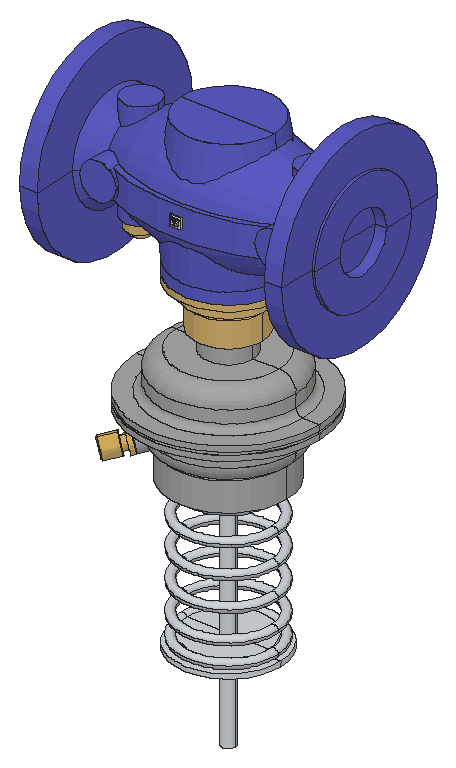
Revit family "Differential Pressure Control Valve F 4007 50-150 HT Distric heating type, supplyreturn", category Rohrzubehör, Revit 2018
Family settings
  Bemaßung runder Anschluss = Durchmesser verwenden
  Teiletyp = Unterbricht
  OmniClass-Nummer = 23.65.55.14
  OmniClass-Titel = Valves for Liquid Services
  Arbeitsebenenbasiert = Nein
  Immer vertikal = Ja
  Beim Laden mit Abzugskörper schneiden = Nein
  Gemeinsam genutzt = Nein
Parameters
  Spring = "EN 10270-1-SH"  # constant formula
  O-Ring = "EPDM"  # constant formula
  Min. operating temperature (anti freeze) = -10 °C  # constant formula
  Differential pressure setting range = "50-150 kPa"  # constant formula
  URL = "www.herzvalves.com"
  Testing pressure = 2500000.0 Pa  # constant formula
  SCRNSEQ = "ARM;ARM_TYP=\"DIFR\";2"
  SCRNCODE = "05;03;02"  # constant formula
  S02 [instance] = H03 + H13  # 122 mm
  S01 [instance] = (2 * H02) + (2 * H04) + H05  # 72.7 mm
  R99 = 14 mm  # constant formula
  R98 = 6 mm  # constant formula
  R97 = 2 mm  # constant formula
  R02 = 15.5 mm  # constant formula
  R01 [instance] = size_lookup("4007_F_HT50-150", "R1", 45.5 mm, Nennweite)  # 45.5 mm
  R00 [instance] = size_lookup("4007_F_HT50-150", "R", 53 mm, Nennweite)  # 53 mm
  Nennweite [instance] = 50 mm
  Model = "The differential pressure controller is a straight-version proportional controller and works without auxiliary energy.\r\nThe required nominal differential pressure can be continuously adjusted from 50 to 150 kPa.\r\nThe impulse pipe (1500 mm) is included in the valve set and has to be connected to a double regulating valve on the supply side."
  Min. operating temperature = 2 °C  # constant formula
  Diaphragm = "EPDM with textile"  # constant formula
  Medium = "Water purity in accordance with ÖNORM H 5195 and VDI 2035 standards.\r\nEthylene and propylene glycol can be mixed in ratio of 25 - 50 vol. [%]."
  Max. operating temperature = 150 °C  # constant formula
  Max. operating pressure = 1600000.0 Pa  # constant formula
  Max. differential pressure = 400000.0 Pa  # constant formula
  L05 [instance] = L04 - 6.3 mm  # 74.7 mm
  L04 [instance] = size_lookup("4007_F_HT50-150", "L4", 81 mm, Nennweite)  # 81 mm
  L03 = 10 mm  # constant formula
  L02 [instance] = size_lookup("4007_F_HT50-150", "L2", 15 mm, Nennweite)  # 15 mm
  L01 = 3 mm  # constant formula
  L00 [instance] = size_lookup("4007_F_HT50-150", "L", 115 mm, Nennweite)  # 115 mm
  Hersteller = "HERZ Armaturen Ges.m.b.H."  # constant formula
  H19 [instance] = size_lookup("4007_F_HT50-150", "H19", 9 mm, Nennweite)  # 424 mm
  H18 [instance] = H19 - 75 mm  # 349 mm
  H17 = 6 mm  # constant formula
  H16 = 10 mm  # constant formula
  H15 = 24.5 mm  # constant formula
  H14 = 5 mm  # constant formula
  H13 = 17 mm  # constant formula
  H12 [instance] = R00 + 4 mm  # 57 mm
  H11 [instance] = R00 + 10 mm  # 63 mm
  H10 = 5 mm  # constant formula
  H09 [instance] = size_lookup("4007_F_HT50-150", "H9", 9 mm, Nennweite)  # 9 mm
  H08 = 21 mm  # constant formula
  H07 [instance] = R00 + 23.4 mm  # 76.4 mm
  H06 [instance] = D12 + 15 mm  # 45.5 mm
  H05 = 2.5 mm  # constant formula
  H04 = 4.6 mm  # constant formula
  H03 [instance] = H08 + H09 + H10 + H11 + H14 + R97  # 105 mm
  H02 [instance] = size_lookup("4007_F_HT50-150", "H2", 30.5 mm, Nennweite)  # 30.5 mm
  H01 [instance] = size_lookup("4007_F_HT50-150", "H1", 210 mm, Nennweite)  # 205 mm
  DN65 [instance] = Nennweite = 65 mm  # no
  DN50 [instance] = Nennweite = 50 mm  # yes
  D17 = 6 mm  # constant formula
  D16 = 45 mm  # constant formula
  D15 = 35 mm  # constant formula
  D14 = 50 mm  # constant formula
  D13 [instance] = D11 + 10 mm  # 50 mm
  D12 [instance] = R01 - 15 mm  # 30.5 mm
  D11 [instance] = size_lookup("4007_F_HT50-150", "D11", 40 mm, Nennweite)  # 40 mm
  D10 [instance] = D11 + 5 mm  # 45 mm
  D09 [instance] = D11 - 5 mm  # 35 mm
  D08 = 24 mm  # constant formula
  D07 = 29.5 mm  # constant formula
  D06 [instance] = size_lookup("4007_F_HT50-150", "D6", 51 mm, Nennweite)  # 57.8 mm
  D05 [instance] = D04 - 1 mm  # 77 mm
  D04 [instance] = size_lookup("4007_F_HT50-150", "D4", 51 mm, Nennweite)  # 78 mm
  D03 = 21 mm  # constant formula
  D02 [instance] = Nennweite / 2  # 25 mm
  D01 [instance] = size_lookup("4007_F_HT50-150", "D1", 51 mm, Nennweite)  # 51 mm
  D00 [instance] = size_lookup("4007_F_HT50-150", "D", 82.5 mm, Nennweite)  # 82.5 mm
  Part number [instance] = if(Nennweite = 50 mm, "F400756", if(Nennweite = 65 mm, "F400757", "0"))  # "F400756"
  Body = "EN-GJL-250 gem. EN 1561"  # constant formula
  Application = "For heating and cooling systems, to ensure constant differential pressure within the control range."
  Type of connection = "EN 1092-2"  # constant formula
Reference planes
  plane 1 "Mitte (Vorne/hinten)": y = 0
  plane 2: z = -0.015
  plane 3 "Mitte (Links/rechts)": x = 0
Forms (mm)
  Revolve 1, solid, material "Herz-Marineblau", detail levels fine
    sketch origin (1065, 0, 0) x (1, 0, 0) y (0, 1, 0)
      loop
        line (-1177, 82.5) -> (-1177, 51) -> (-1180, 51) -> (-1180, 25) -> (-1170, 25) -> (-1170, 0) -> (-960, 0) -> (-960, 25) -> (-950, 25) -> (-950, 51) -> (-953, 51) -> (-953, 82.5) -> (-968, 82.5) -> (-968, 45.5) -> (-984, 30.5)
        arc (-984, 30.5) -> (-1065, 53) -> (-1146, 30.5) r 157.05
        line (-1146, 30.5) -> (-1162, 45.5) -> (-1162, 82.5) -> (-1177, 82.5)
      axis (-1180, 0) -> (-950, 0)
    angle from 0 to 360
  Extrusion 2, solid, material "Herz-Marineblau", detail levels fine
    sketch origin (0, 0, 0) x (1, 0, 0) y (0, 1, 0)
      loop
        circle (-74.7, 0) r 15.5
      loop
        circle (74.7, 0) r 15.5
    from -45.515 to 45.485
  Extrusion 3, solid, material "Herz-Marineblau", detail levels fine
    sketch origin (0, 0, 0) x (-1, 0, 0) y (0, 0, -1)
      loop
        circle (74.7, 0) r 15.5
      loop
        circle (-74.7, 0) r 15.5
    from -45.5 to 45.5
  Revolve 4, solid, material "Herz-Marineblau", detail levels fine
    sketch origin (92.737, 0, -45.97) x (1, 0, 0) y (0, 0, 1)
      loop
        line (-92.737, 102.955) -> (-92.737, -17.045) -> (-47.737, -17.045) -> (-47.737, -7.045) -> (-42.737, 45.97) -> (-52.737, 102.955) -> (-92.737, 102.955)
      axis (-92.737, 102.955) -> (-92.737, -17.045)
    angle from 0 to 360
  Revolve 5, solid, material "Messing", detail levels fine
    sketch origin (446.725, 0, 35.707) x (1, 0, 0) y (0, 0, 1)
      loop
        line (-446.725, -98.722) -> (-446.725, -140.722) -> (-417.225, -140.722) -> (-417.225, -119.722) -> (-422.725, -119.722) -> (-422.725, -114.722) -> (-411.725, -114.722) -> (-411.725, -105.722)
        arc (-411.725, -105.722) -> (-411.14, -104.308) -> (-409.725, -103.722) r 2
        line (-409.725, -103.722) -> (-401.725, -103.722) -> (-401.725, -98.722) -> (-446.725, -98.722)
      axis (-446.725, -140.722) -> (-446.725, -98.722)
    angle from 0 to 360
  Revolve 6, solid, material "Aluminium", detail levels fine
    sketch origin (925.114, 0, 19.41) x (1, 0, 0) y (0, 0, 1)
      loop
        line (-925.114, -124.425) -> (-925.114, -238.625) -> (-875.114, -238.625) -> (-875.114, -214.125) -> (-881.314, -214.125)
        arc (-881.314, -214.125) -> (-871.414, -210.025) -> (-867.314, -200.125) r 14
        line (-867.314, -200.125) -> (-867.314, -189.625)
        arc (-867.314, -189.625) -> (-865.556, -185.383) -> (-861.314, -183.625) r 6
        line (-861.314, -183.625) -> (-847.114, -183.625) -> (-847.114, -179.025) -> (-848.114, -179.025) -> (-848.114, -176.525) -> (-847.114, -176.525) -> (-847.114, -171.925) -> (-861.314, -171.925)
        arc (-861.314, -171.925) -> (-865.556, -170.168) -> (-867.314, -165.925) r 6
        line (-867.314, -165.925) -> (-867.314, -155.425)
        arc (-867.314, -155.425) -> (-871.414, -145.526) -> (-881.314, -141.425) r 14
        line (-881.314, -141.425) -> (-904.114, -141.425) -> (-904.114, -124.425) -> (-925.114, -124.425)
      axis (-925.114, -124.425) -> (-925.114, -238.625)
    angle from 0 to 360
  Extrusion 7, solid, material "Herz-Marineblau", visible <- "DN50", detail levels fine
    sketch origin (0, 0, 0) x (1, 0, 0) y (0, 1, 0)
      loop
        arc (-74.7, -37.498) -> (0, -56) -> (74.7, -37.498) r 160.05
        line (74.7, -37.498) -> (74.7, 37.498)
        arc (74.7, 37.498) -> (0, 56) -> (-74.7, 37.498) r 160.05
        line (-74.7, 37.498) -> (-74.7, -37.498)
    from -12.5 to 12.5
  Extrusion 8, solid, material "Herz-Marineblau", visible <- "DN65", detail levels fine
    sketch origin (0, 0, 0) x (1, 0, 0) y (0, 1, 0)
      loop
        arc (-104.7, -46.589) -> (0, -68) -> (104.7, -46.589) r 266.699
        line (104.7, -46.589) -> (104.7, 46.589)
        arc (104.7, 46.589) -> (0, 68) -> (-104.7, 46.589) r 266.699
        line (-104.7, 46.589) -> (-104.7, -46.589)
    from -12.5 to 12.5
  Revolve 9, solid, detail levels fine
    sketch origin (0, 0, 0) x (1, 0, 0) y (0, 0, 1)
      loop
        line (0, -349.015) -> (45, -349.015) -> (45, -345.015) -> (35, -345.015) -> (35, -339.015) -> (0, -339.015) -> (0, -349.015)
      axis (0, -339.015) -> (0, -349.015)
    angle from 0 to 360
  Revolve 10, solid, detail levels fine
    sketch origin (0, 0, 0) x (1, 0, 0) y (0, 0, 1)
      loop
        line (0, -214.615) -> (0, -424.015) -> (6, -424.015) -> (6, -214.615) -> (0, -214.615)
      axis (0, -214.615) -> (0, -424.015)
    angle from 0 to 360
  Sweep 11, solid, visible <- "DN50", detail levels fine
    path in 3D
      loop
        arc (-39, 0, -222.715) -> (0, -39, -222.715) -> (39, 0, -222.715) r 39
        arc (39, 0, -222.715) -> (0, 39, -222.715) -> (-39, 0, -222.715) r 39
    profile origin (0, 39, -222.715) x (0, -1, 0) y (0, 0, 1)
      loop
        circle (0, 0) r 3.5
  Sweep 12, solid, visible <- "DN65", detail levels fine
    path in 3D
      loop
        arc (-39, 0, -234.715) -> (0, -39, -234.715) -> (39, 0, -234.715) r 39
        arc (39, 0, -234.715) -> (0, 39, -234.715) -> (-39, 0, -234.715) r 39
    profile origin (0, 39, -234.715) x (0, -1, 0) y (0, 0, 1)
      loop
        circle (0, 0) r 3.5
  Sweep 13, solid, visible <- "DN50", detail levels fine
    path in 3D
      loop
        arc (-39, 0, -247.715) -> (0, -39, -247.715) -> (39, 0, -247.715) r 39
        arc (39, 0, -247.715) -> (0, 39, -247.715) -> (-39, 0, -247.715) r 39
    profile origin (0, 39, -247.715) x (0, -1, 0) y (0, 0, 1)
      loop
        circle (0, 0) r 3.5
  Sweep 14, solid, visible <- "DN50", detail levels fine
    path in 3D
      loop
        arc (-39, 0, -272.715) -> (0, -39, -272.715) -> (39, 0, -272.715) r 39
        arc (39, 0, -272.715) -> (0, 39, -272.715) -> (-39, 0, -272.715) r 39
    profile origin (0, 39, -272.715) x (0, -1, 0) y (0, 0, 1)
      loop
        circle (0, 0) r 3.5
  Sweep 15, solid, visible <- "DN50", detail levels fine
    path in 3D
      loop
        arc (-39, 0, -297.715) -> (0, -39, -297.715) -> (39, 0, -297.715) r 39
        arc (39, 0, -297.715) -> (0, 39, -297.715) -> (-39, 0, -297.715) r 39
    profile origin (0, 39, -297.715) x (0, -1, 0) y (0, 0, 1)
      loop
        circle (0, 0) r 3.5
  Sweep 16, solid, visible <- "DN50", detail levels fine
    path in 3D
      loop
        arc (-39, 0, -322.715) -> (0, -39, -322.715) -> (39, 0, -322.715) r 39
        arc (39, 0, -322.715) -> (0, 39, -322.715) -> (-39, 0, -322.715) r 39
    profile origin (0, 39, -322.715) x (0, -1, 0) y (0, 0, 1)
      loop
        circle (0, 0) r 3.5
  Sweep 17, solid, visible <- "DN50", detail levels fine
    path in 3D
      loop
        arc (-39, 0, -340.715) -> (0, -39, -340.715) -> (39, 0, -340.715) r 39
        arc (39, 0, -340.715) -> (0, 39, -340.715) -> (-39, 0, -340.715) r 39
    profile origin (0, 39, -340.715) x (0, -1, 0) y (0, 0, 1)
      loop
        circle (0, 0) r 3.5
  Sweep 18, solid, visible <- "DN65", detail levels fine
    path in 3D
      loop
        arc (-39, 0, -259.715) -> (0, -39, -259.715) -> (39, 0, -259.715) r 39
        arc (39, 0, -259.715) -> (0, 39, -259.715) -> (-39, 0, -259.715) r 39
    profile origin (0, 39, -259.715) x (0, -1, 0) y (0, 0, 1)
      loop
        circle (0, 0) r 3.5
  Sweep 19, solid, visible <- "DN65", detail levels fine
    path in 3D
      loop
        arc (-39, 0, -284.715) -> (0, -39, -284.715) -> (39, 0, -284.715) r 39
        arc (39, 0, -284.715) -> (0, 39, -284.715) -> (-39, 0, -284.715) r 39
    profile origin (0, 39, -284.715) x (0, -1, 0) y (0, 0, 1)
      loop
        circle (0, 0) r 3.5
  Sweep 20, solid, visible <- "DN65", detail levels fine
    path in 3D
      loop
        arc (-39, 0, -309.715) -> (0, -39, -309.715) -> (39, 0, -309.715) r 39
        arc (39, 0, -309.715) -> (0, 39, -309.715) -> (-39, 0, -309.715) r 39
    profile origin (0, 39, -309.715) x (0, -1, 0) y (0, 0, 1)
      loop
        circle (0, 0) r 3.5
  Sweep 21, solid, visible <- "DN65", detail levels fine
    path in 3D
      loop
        arc (-39, 0, -334.715) -> (0, -39, -334.715) -> (39, 0, -334.715) r 39
        arc (39, 0, -334.715) -> (0, 39, -334.715) -> (-39, 0, -334.715) r 39
    profile origin (0, 39, -334.715) x (0, -1, 0) y (0, 0, 1)
      loop
        circle (0, 0) r 3.5
  Sweep 22, solid, visible <- "DN65", detail levels fine
    path in 3D
      loop
        arc (-39, 0, -341.715) -> (0, -39, -341.715) -> (39, 0, -341.715) r 39
        arc (39, 0, -341.715) -> (0, 39, -341.715) -> (-39, 0, -341.715) r 39
    profile origin (0, 39, -341.715) x (0, -1, 0) y (0, 0, 1)
      loop
        circle (0, 0) r 3.5
  Revolve 23, solid, material "Messing, weicher Gelbton, geschweißt", visible <- "DN50", detail levels fine
    sketch origin (4.769, 5.029, 17.574) x (-0.707107, -0.707107, 0) y (0, 0, -1)
      loop
        line (70.524, 205.006) -> (72.604, 195.224) -> (76.516, 196.056) -> (75.643, 200.164) -> (80.534, 201.204) -> (81.133, 198.384) -> (94.817, 201.293) -> (95.511, 202.887) -> (94, 209.996) -> (70.524, 205.006)
      axis (94, 209.996) -> (70.524, 205.006)
    angle from 0 to 360
  Revolve 24, solid, material "Aluminium", visible <- "DN50", detail levels fine
    sketch origin (-31.293, -31.034, 6.734) x (-0.707107, -0.707107, 0) y (0, 0, -1)
      loop
        line (19.524, 194.165) -> (-44.055, 180.651) -> (-42.08, 171.359) -> (21.5, 184.873) -> (19.524, 194.165)
      axis (-44.055, 180.651) -> (19.524, 194.165)
    angle from 0 to 360
  Revolve 25, solid, material "Messing, weicher Gelbton, geschweißt", visible <- "DN65", detail levels fine
    sketch origin (4.769, 5.029, 5.574) x (-0.707107, -0.707107, 0) y (0, 0, -1)
      loop
        line (70.524, 205.006) -> (72.604, 195.224) -> (76.516, 196.056) -> (75.643, 200.164) -> (80.534, 201.204) -> (81.133, 198.384) -> (94.817, 201.293) -> (95.511, 202.887) -> (94, 209.996) -> (70.524, 205.006)
      axis (94, 209.996) -> (70.524, 205.006)
    angle from 0 to 360
  Revolve 26, solid, material "Aluminium", visible <- "DN65", detail levels fine
    sketch origin (-31.293, -31.034, -5.266) x (-0.707107, -0.707107, 0) y (0, 0, -1)
      loop
        line (19.524, 194.165) -> (-44.055, 180.651) -> (-42.08, 171.359) -> (21.5, 184.873) -> (19.524, 194.165)
      axis (-44.055, 180.651) -> (19.524, 194.165)
    angle from 0 to 360
  Revolve 27, solid, material "Messing, weicher Gelbton, geschweißt", detail levels fine
    sketch origin (30, 0, 10) x (1, 0, 0) y (0, 0, 1)
      loop
        line (-104.7, -55.515) -> (-116.7, -55.515) -> (-116.7, -64.515) -> (-113.7, -64.515) -> (-113.7, -68.015) -> (-104.7, -68.015) -> (-104.7, -55.515)
      axis (-104.7, -68.015) -> (-104.7, -55.515)
    angle from 0 to 360
  Revolve 28, solid, material "Messing, weicher Gelbton, geschweißt", detail levels fine
    sketch origin (-30, 0, 10) x (-1, 0, 0) y (0, 0, -1)
      loop
        line (-104.7, 55.515) -> (-104.7, 68.015) -> (-113.7, 68.015) -> (-113.7, 64.515) -> (-116.7, 64.515) -> (-116.7, 55.515) -> (-104.7, 55.515)
      axis (-104.7, 68.015) -> (-104.7, 55.515)
    angle from 0 to 360
Lines and regions (mm)
  model lines, detail levels coarse+medium
    curve 1: line (-115, 0, 82.485) -> (-115, 0, -82.515)
    curve 2: line (-115, 0, -82.515) -> (115, 0, 82.485)
    curve 3: line (115, 0, 82.485) -> (115, 0, -82.515)
    curve 4: line (115, 0, -82.515) -> (-115, 0, 82.485)
    curve 5: line (-57.5, 0, -41.265) -> (0, 0, -82.515)
    curve 6: line (0, 0, -82.515) -> (57.5, 0, -41.265)
    curve 7: line (0, 0, -82.515) -> (0, 0, -122.015)
    curve 8: spline (-78, 0, -158.365) -> (-75.342, 0, -148.957) -> (-67.55, 0, -140.19) -> (-55.154, 0, -132.662) -> (-39, 0, -126.885) -> (-20.188, 0, -123.254) -> (0, 0, -122.015) -> (20.188, 0, -123.254) -> (39, 0, -126.885) -> (55.154, 0, -132.662) -> (67.55, 0, -140.19) -> (75.342, 0, -148.957) -> (78, 0, -158.365) -> (75.342, 0, -167.773) -> (67.55, 0, -176.54) -> (55.154, 0, -184.069) -> (39, 0, -189.845) -> (20.188, 0, -193.477) -> (0, 0, -194.715) -> (-20.188, 0, -193.477) -> (-39, 0, -189.845) -> (-55.154, 0, -184.069) -> (-67.55, 0, -176.54) -> (-75.342, 0, -167.773) -> (-78, 0, -158.365)
    curve 9: line (-115, -82.5, 0) -> (-115, 82.5, 0)
    curve 10: line (-115, 82.5, 0) -> (115, -82.5, 0)
    curve 11: line (115, -82.5, 0) -> (115, 82.5, 0)
    curve 12: line (115, 82.5, 0) -> (-115, -82.5, 0)
    curve 13: line (-57.5, -41.25, 0) -> (0, -82.5, 0)
    curve 14: line (0, -82.5, 0) -> (57.5, -41.25, 0)
    curve 15: line (0, -82.5, 0) -> (0, -122, 0)
    curve 16: spline (-78, -158.35, 0) -> (-75.342, -148.942, 0) -> (-67.55, -140.175, 0) -> (-55.154, -132.647, 0) -> (-39, -126.87, 0) -> (-20.188, -123.239, 0) -> (0, -122, 0) -> (20.188, -123.239, 0) -> (39, -126.87, 0) -> (55.154, -132.647, 0) -> (67.55, -140.175, 0) -> (75.342, -148.942, 0) -> (78, -158.35, 0) -> (75.342, -167.758, 0) -> (67.55, -176.525, 0) -> (55.154, -184.053, 0) -> (39, -189.83, 0) -> (20.188, -193.461, 0) -> (0, -194.7, 0) -> (-20.188, -193.461, 0) -> (-39, -189.83, 0) -> (-55.154, -184.053, 0) -> (-67.55, -176.525, 0) -> (-75.342, -167.758, 0) -> (-78, -158.35, 0)
  sketch lines
    curve 17: circle (0, 0, -222.715) r 39 normal (0, 0, 1)
    curve 19: circle (0, 0, -234.715) r 39 normal (0, 0, 1)
    curve 22: circle (0, 0, -247.715) r 39 normal (0, 0, 1)
    curve 23: circle (0, 0, -272.715) r 39 normal (0, 0, 1)
    curve 24: circle (0, 0, -297.715) r 39 normal (0, 0, 1)
    curve 25: circle (0, 0, -322.715) r 39 normal (0, 0, 1)
    curve 26: circle (0, 0, -340.715) r 39 normal (0, 0, 1)
    curve 27: circle (0, 0, -259.715) r 39 normal (0, 0, 1)
    curve 28: circle (0, 0, -284.715) r 39 normal (0, 0, 1)
    curve 29: circle (0, 0, -309.715) r 39 normal (0, 0, 1)
    curve 30: circle (0, 0, -334.715) r 39 normal (0, 0, 1)
    curve 31: circle (0, 0, -341.715) r 39 normal (0, 0, 1)
  model lines, visible <- "DN50", detail levels coarse+medium
    curve 18: line (-39, 0, -219.215) -> (39, 0, -219.215)
  model lines, visible <- "DN65", detail levels fine
    curve 20: line (-39, 0, -231.215) -> (39, 0, -231.215)
  model lines, not visible, detail levels fine
    curve 21: line (-39, 0, -238.215) -> (39, 0, -238.215)
Dimensions and locks
  "H06": Extrusion 3 to plane 1 "Mitte (Vorne/hinten)" to Extrusion 3  (x2)
  "L02": Revolve 1 sketch curve to Revolve 1 sketch curve  (x2)
  "L01": Revolve 1 sketch curve to Revolve 1 sketch curve  (x2)
  "L00": Revolve 1 sketch curve to plane 3 "Mitte (Links/rechts)" to Revolve 1 sketch curve
  "L03": Revolve 1 sketch curve to Revolve 1 sketch curve  (x2)
  "D02": plane 1 "Mitte (Vorne/hinten)" to Revolve 1 sketch curve  (x2)
  "L04": plane 3 "Mitte (Links/rechts)" to Revolve 1 sketch curve
  "R01": plane 1 "Mitte (Vorne/hinten)" to Revolve 1 sketch curve
  "D01": plane 1 "Mitte (Vorne/hinten)" to Revolve 1 sketch curve  (x2)
  "D00": plane 1 "Mitte (Vorne/hinten)" to Revolve 1 sketch curve  (x2)
  "H06": Extrusion 2 to plane 2 to Extrusion 2  (x2)
  "L04": Revolve 1 sketch curve to plane 3 "Mitte (Links/rechts)"
  "R00": Revolve 1 sketch curve to Revolve 1 sketch curve
  "R01": Revolve 1 sketch curve to Revolve 1 sketch curve
  "D05": Revolve 6 sketch curve to Revolve 6 sketch curve
  "D04": Revolve 6 sketch curve to Revolve 6 sketch curve  (x2)
  "H04": Revolve 6 sketch curve to Revolve 6 sketch curve  (x2)
  "H05": Revolve 6 sketch curve to Revolve 6 sketch curve
  "H02": Revolve 6 sketch curve to Revolve 6 sketch curve  (x2)
  "H03": plane 2 to Revolve 6 sketch curve
  "D06": Revolve 6 sketch curve to Revolve 6 sketch curve
  "D03": Revolve 6 sketch curve to Revolve 6 sketch curve
  "D07": Revolve 5 sketch curve to Revolve 5 sketch curve
  "D08": Revolve 5 sketch curve to Revolve 5 sketch curve
  "H08": Revolve 5 sketch curve to Revolve 5 sketch curve
  "D09": Revolve 5 sketch curve to Revolve 5 sketch curve
  "D10": Revolve 5 sketch curve to Revolve 5 sketch curve
  "H10": Revolve 5 sketch curve to Revolve 5 sketch curve
  "H11": plane 2 to Revolve 4 sketch curve
  "H11": plane 2 to Revolve 5 sketch curve
  "D10": Revolve 4 sketch curve to Revolve 4 sketch curve
  "H12": Revolve 4 sketch curve to plane 2
  "L05": Extrusion 2 sketch curve to plane 3 "Mitte (Links/rechts)"
  "L05": plane 3 "Mitte (Links/rechts)" to Extrusion 2 sketch curve
  "L05": plane 3 "Mitte (Links/rechts)" to Extrusion 3 sketch curve
  "L05": Extrusion 3 sketch curve to plane 3 "Mitte (Links/rechts)"
  "D12": Revolve 1 sketch curve to Revolve 1 sketch curve  (x2)
  "D06": plane 3 "Mitte (Links/rechts)" to Revolve 6 sketch curve
  "R00": plane 2 to Revolve 4 sketch curve
  "D11": Revolve 4 sketch curve to Revolve 4 sketch curve
  "D13": Revolve 4 sketch curve to Revolve 4 sketch curve
  "H13": Revolve 6 sketch curve to Revolve 6 sketch curve
  "H14": Revolve 5 sketch curve to Revolve 5 sketch curve
  "H09": Revolve 5 sketch curve to Revolve 5 sketch curve
  "H03": plane 2 to Revolve 5 sketch curve
  "D14": Revolve 6 sketch curve to plane 3 "Mitte (Links/rechts)"
  "H15": Revolve 6 sketch curve to Revolve 6 sketch curve
  "H16": Revolve 9 sketch curve to Revolve 9 sketch curve
  "D15": Revolve 9 sketch curve to Revolve 9 sketch curve
  "D16": Revolve 9 sketch curve to Revolve 9 sketch curve
  "H17": Revolve 9 sketch curve to Revolve 9 sketch curve
  "D17": Revolve 10 sketch curve to Revolve 10 sketch curve
  "L00": curve 1 to plane 3 "Mitte (Links/rechts)" to curve 3
  "D00": curve 4 to plane 2 to curve 2
  "D00": curve 3 to plane 2 to curve 4
  equal spacing: plane 3 "Mitte (Links/rechts)", curve 5, curve 2
  equal spacing: curve 4, curve 6, plane 3 "Mitte (Links/rechts)"
  "D00": plane 2 to curve 6
  "S02": plane 2 to curve 7
  "S01": curve 8 to curve 8
  "D04": plane 3 "Mitte (Links/rechts)" to curve 8
  "S02": plane 2 to curve 8
  "L00": curve 9 to plane 3 "Mitte (Links/rechts)" to curve 11
  "D00": curve 12 to plane 1 "Mitte (Vorne/hinten)" to curve 10
  "D00": curve 11 to plane 1 "Mitte (Vorne/hinten)" to curve 12
  equal spacing: plane 3 "Mitte (Links/rechts)", curve 13, curve 12
  equal spacing: plane 3 "Mitte (Links/rechts)", curve 14, curve 11
  "D00": curve 14 to plane 1 "Mitte (Vorne/hinten)"
  "S02": curve 15 to plane 1 "Mitte (Vorne/hinten)"
  "S01": curve 16 to curve 16
  "D04": curve 16 to plane 3 "Mitte (Links/rechts)"
  "S02": curve 16 to plane 1 "Mitte (Vorne/hinten)"
  "H18": plane 2 to Revolve 9 sketch curve
  "H19": plane 2 to Revolve 10 sketch curve
  Revolve 27 sketch curve to Revolve 27 sketch curve = 9 mm  (x2)
  Revolve 27 sketch curve to Revolve 27 sketch curve = 12.5 mm
  Revolve 27 sketch curve to Revolve 27 sketch curve = 12 mm
  "H06": plane 2 to Revolve 27 sketch curve
  "L05": plane 3 "Mitte (Links/rechts)" to Revolve 27 sketch curve
  Revolve 28 sketch curve to Revolve 28 sketch curve = 9 mm  (x2)
  Revolve 28 sketch curve to Revolve 28 sketch curve = 12.5 mm
  Revolve 28 sketch curve to Revolve 28 sketch curve = 12 mm
  "L05": Revolve 28 sketch curve to plane 3 "Mitte (Links/rechts)"
  "H06": plane 2 to Revolve 28 sketch curve
  "R99": radius of Revolve 6 sketch curve  (x2)
  "R98": radius of Revolve 6 sketch curve  (x2)
  "R02": radius of Extrusion 2 sketch curve  (x2)
  "R02": radius of Extrusion 3 sketch curve  (x2)
  "R97": radius of Revolve 5 sketch curve
  aligned and locked: level to plane 2
Automatic sketch dimensions
  Extrusion 7 sketch curve to plane 3 "Mitte (Links/rechts)" = 0 mm  (x2)
  Extrusion 7 sketch curve to plane 3 "Mitte (Links/rechts)" = 74.7 mm
  Extrusion 7 sketch curve to plane 1 "Mitte (Vorne/hinten)" = 37.498 mm
  plane 3 "Mitte (Links/rechts)" to Extrusion 7 sketch curve = 74.7 mm
  plane 1 "Mitte (Vorne/hinten)" to Extrusion 7 sketch curve = 37.498 mm
  Extrusion 7 sketch curve to Extrusion 7 sketch curve = 66.552 mm  (x2)
  Extrusion 8 sketch curve to plane 3 "Mitte (Links/rechts)" = 0 mm  (x2)
  plane 1 "Mitte (Vorne/hinten)" to Extrusion 8 sketch curve = 46.589 mm
  Extrusion 8 sketch curve to plane 3 "Mitte (Links/rechts)" = 104.7 mm
  Extrusion 8 sketch curve to plane 1 "Mitte (Vorne/hinten)" = 46.589 mm
  plane 3 "Mitte (Links/rechts)" to Extrusion 8 sketch curve = 104.7 mm
  Extrusion 8 sketch curve to Extrusion 8 sketch curve = 152.11 mm  (x2)
  curve 21 to plane 3 "Mitte (Links/rechts)" = 39 mm
  curve 21 to plane 2 = 238.2 mm
  curve 20 to curve 21 = 0 mm  (x2)
  curve 18 to curve 20 = 0 mm  (x2)
  plane 3 "Mitte (Links/rechts)" to curve 20 = 39 mm
  curve 21 to curve 20 = 7 mm
  curve 20 to curve 18 = 12 mm
  Sweep 11 sketch curve to profile plane = 0 mm  (x2)
  Sweep 12 sketch curve to profile plane = 0 mm  (x2)
  Sweep 13 sketch curve to profile plane = 0 mm  (x2)
  Sweep 14 sketch curve to profile plane = 0 mm  (x2)
  Sweep 15 sketch curve to profile plane = 0 mm  (x2)
  Sweep 16 sketch curve to profile plane = 0 mm  (x2)
  Sweep 17 sketch curve to profile plane = 0 mm  (x2)
  Sweep 18 sketch curve to profile plane = 0 mm  (x2)
  Sweep 19 sketch curve to profile plane = 0 mm  (x2)
  Sweep 20 sketch curve to profile plane = 0 mm  (x2)
  Sweep 21 sketch curve to profile plane = 0 mm  (x2)
  Sweep 22 sketch curve to profile plane = 0 mm  (x2)
  Revolve 23 sketch curve to plane 2 = 187.416 mm
  Revolve 23 sketch curve to plane 2 = 177.635 mm
  Revolve 23 sketch curve to Revolve 23 sketch curve = 2.079 mm
  Revolve 23 sketch curve to plane 2 = 182.575 mm
  Revolve 23 sketch curve to Revolve 23 sketch curve = 3.039 mm
  Revolve 23 sketch curve to plane 2 = 183.614 mm
  Revolve 23 sketch curve to plane 2 = 180.795 mm
  Revolve 23 sketch curve to plane 2 = 192.406 mm
  Revolve 23 sketch curve to plane 2 = 183.704 mm
  Revolve 23 sketch curve to plane 2 = 185.297 mm
  Revolve 23 sketch curve to plane 2 = 187.419 mm
  Revolve 23 sketch curve to Revolve 23 sketch curve = 0.015 mm
  Revolve 23 sketch curve to plane 2 = 189.733 mm
  Revolve 23 sketch curve to Revolve 23 sketch curve = 0.89 mm
  Revolve 24 sketch curve to plane 2 = 173.902 mm
  Revolve 24 sketch curve to plane 2 = 164.61 mm
  Revolve 24 sketch curve to Revolve 24 sketch curve = 1.975 mm
  Revolve 24 sketch curve to plane 2 = 187.416 mm
  Revolve 24 sketch curve to plane 2 = 183.266 mm
  Revolve 24 sketch curve to Revolve 24 sketch curve = 19.524 mm
  Revolve 24 sketch curve to plane 2 = 198.257 mm
  Revolve 24 sketch curve to Revolve 24 sketch curve = 51 mm
  Revolve 25 sketch curve to plane 2 = 199.416 mm
  Revolve 25 sketch curve to plane 2 = 189.635 mm
  Revolve 25 sketch curve to Revolve 25 sketch curve = 2.079 mm
  Revolve 25 sketch curve to plane 2 = 194.575 mm
  Revolve 25 sketch curve to Revolve 25 sketch curve = 3.039 mm
  Revolve 25 sketch curve to plane 2 = 195.614 mm
  Revolve 25 sketch curve to plane 2 = 192.795 mm
  Revolve 25 sketch curve to plane 2 = 204.406 mm
  Revolve 25 sketch curve to plane 2 = 195.704 mm
  Revolve 25 sketch curve to plane 2 = 197.297 mm
  Revolve 25 sketch curve to plane 2 = 199.419 mm
  Revolve 25 sketch curve to Revolve 25 sketch curve = 0.015 mm
  Revolve 25 sketch curve to plane 2 = 201.733 mm
  Revolve 25 sketch curve to Revolve 25 sketch curve = 0.89 mm
  Revolve 26 sketch curve to plane 2 = 185.902 mm
  Revolve 26 sketch curve to plane 2 = 176.61 mm
  Revolve 26 sketch curve to Revolve 26 sketch curve = 1.975 mm
  Revolve 26 sketch curve to plane 2 = 199.416 mm
  Revolve 26 sketch curve to plane 2 = 195.266 mm
  Revolve 26 sketch curve to Revolve 26 sketch curve = 19.524 mm
  Revolve 26 sketch curve to plane 2 = 210.257 mm
  Revolve 26 sketch curve to Revolve 26 sketch curve = 51 mm
  curve 8 to plane 3 "Mitte (Links/rechts)" = 0 mm
  curve 7 to plane 3 "Mitte (Links/rechts)" = 0 mm
  curve 16 to plane 3 "Mitte (Links/rechts)" = 0 mm
  curve 15 to plane 3 "Mitte (Links/rechts)" = 0 mm
  plane 1 "Mitte (Vorne/hinten)" to Revolve 1 sketch curve = 0 mm  (x2)
  Revolve 1 sketch curve to Revolve 1 sketch curve = 35 mm
  Revolve 1 sketch curve to Revolve 1 sketch curve = 30 mm
  plane 1 "Mitte (Vorne/hinten)" to Extrusion 2 sketch curve = 0 mm  (x2)
  Extrusion 3 sketch curve to level = 0 mm  (x2)
  Revolve 4 sketch curve to plane 3 "Mitte (Links/rechts)" = 0 mm  (x2)
  Revolve 4 sketch curve to level = 0 mm
  Revolve 4 sketch curve to plane 2 = 25.895 mm
  level to Revolve 4 sketch curve = 24.09 mm
  Revolve 5 sketch curve to plane 3 "Mitte (Links/rechts)" = 0 mm  (x2)
  Revolve 5 sketch curve to Revolve 5 sketch curve = 8.988 mm
  Revolve 5 sketch curve to Revolve 5 sketch curve = 0 mm
  Revolve 6 sketch curve to plane 3 "Mitte (Links/rechts)" = 0 mm  (x2)
  Revolve 6 sketch curve to Revolve 6 sketch curve = 0 mm
  Revolve 6 sketch curve to Revolve 6 sketch curve = 9.421 mm
  Revolve 9 sketch curve to plane 3 "Mitte (Links/rechts)" = 0 mm  (x2)
  Revolve 9 sketch curve to plane 2 = 112.329 mm
  level to Revolve 9 sketch curve = 2214.315 mm
  Revolve 10 sketch curve to plane 3 "Mitte (Links/rechts)" = 0 mm  (x2)
  Revolve 10 sketch curve to Revolve 10 sketch curve = 209.4 mm
  Revolve 10 sketch curve to Revolve 10 sketch curve = 17.86 mm
  level to Revolve 10 sketch curve = 2214.315 mm
  Revolve 27 sketch curve to Revolve 27 sketch curve = 0 mm  (x3)
  Revolve 28 sketch curve to Revolve 28 sketch curve = 0 mm  (x3)
  radius of Sweep 11 sketch curve = 3.5 mm
  radius of Sweep 12 sketch curve = 3.5 mm
  radius of Sweep 13 sketch curve = 3.5 mm
  radius of Sweep 14 sketch curve = 3.5 mm
  radius of Sweep 15 sketch curve = 3.5 mm
  radius of Sweep 16 sketch curve = 3.5 mm
  radius of Sweep 17 sketch curve = 3.5 mm
  radius of Sweep 18 sketch curve = 3.5 mm
  radius of Sweep 19 sketch curve = 3.5 mm
  radius of Sweep 20 sketch curve = 3.5 mm
  radius of Sweep 21 sketch curve = 3.5 mm
  radius of Sweep 22 sketch curve = 3.5 mm
Nested families
  nested 1: "Herz-Logo-vorne" at (-0.018, -56, 0) x (0, 1, 0) z (0, 0, 1), visible <- "DN50", type "Herz-Logo-vorne", detail levels fine
  nested 2: "Herz-Logo-vorne" at (-0.018, -67.982, 0) x (0, 1, 0) z (0, 0, 1), visible <- "DN65", type "Herz-Logo-vorne", detail levels fine
Connectors
  piping at (-115, 0, 0), diameter 50, driven by "Nennweite"
    settings: on Revolve 1, index 1, connector inside diameter 609.6 mm, connector length 0 mm, flow factor 0, pipe flow 0.0 L/s, pressure drop 0.0 Pa, fitting loss kfactor 0, connector angle 0.00°, fixture units 0, engagement length 0 mm, angle of deflection 0.00°, flow configuration 0, flow direction 2, fitting loss method 0, system type 29, joint type 0, gender type 0, connector reference index -1, connector utility 0, adjustable connector no, is connector primary yes, connector description ""
  piping at (115, 0, 0), diameter 50, driven by "Nennweite"
    settings: on Revolve 1, index 2, connector inside diameter 609.6 mm, connector length 0 mm, flow factor 0, pipe flow 0.0 L/s, pressure drop 0.0 Pa, fitting loss kfactor 0, connector angle 0.00°, fixture units 0, engagement length 0 mm, angle of deflection 0.00°, flow configuration 0, flow direction 1, fitting loss method 0, system type 29, joint type 0, gender type 0, connector reference index -1, connector utility 0, adjustable connector no, is connector primary no, connector description ""
Definition of nested family "Herz-Logo-vorne"
  Reference planes
    plane 1 "Mitte (Vorne/hinten)": y = 0
    plane 2: z = 0
    plane 3 "Mitte (Links/rechts)": x = 0
  Forms (mm)
    Extrusion 1, solid
      sketch origin (0.732, -0.018, 0.017) x (0, -1, 0) y (0, 0, 1)
        loop
          line (-0.018, -4.517) -> (4.482, -4.517) -> (4.482, 4.483) -> (-4.518, 4.483) -> (-4.518, -4.517) -> (-0.018, -4.517)
        loop
          line (-0.05, -3.48) -> (3.482, -3.48) -> (3.482, 3.483) -> (-3.518, 3.483) -> (-3.518, -3.48) -> (-0.05, -3.48)
        loop
          arc (-0.018, 2.383) -> (-1.543, 3.287) -> (-3.067, 2.383) r 1.738
          arc (-3.067, 2.383) -> (-3.191, 1.899) -> (-3.067, 1.415) r 1.009
          line (-3.067, 1.415) -> (-0.018, -3.281) -> (3.032, 1.415)
          arc (3.032, 1.415) -> (3.156, 1.899) -> (3.032, 2.383) r 1.009
          arc (3.032, 2.383) -> (1.507, 3.287) -> (-0.018, 2.383) r 1.738
        loop
          arc (1.885, 1.272) -> (2.005, 1.675) -> (1.885, 2.079) r 0.74
          arc (1.885, 2.079) -> (1.265, 2.416) -> (0.644, 2.079) r 0.74
          line (0.644, 2.079) -> (-0.018, 0.97) -> (-0.679, 2.079)
          arc (-0.679, 2.079) -> (-1.3, 2.416) -> (-1.921, 2.079) r 0.74
          arc (-1.921, 2.079) -> (-2.04, 1.675) -> (-1.921, 1.272) r 0.74
          line (-1.921, 1.272) -> (-0.018, -1.658) -> (1.885, 1.272)
      from 0 to 1.5
  Dimensions and locks
    aligned and locked: level to plane 2
